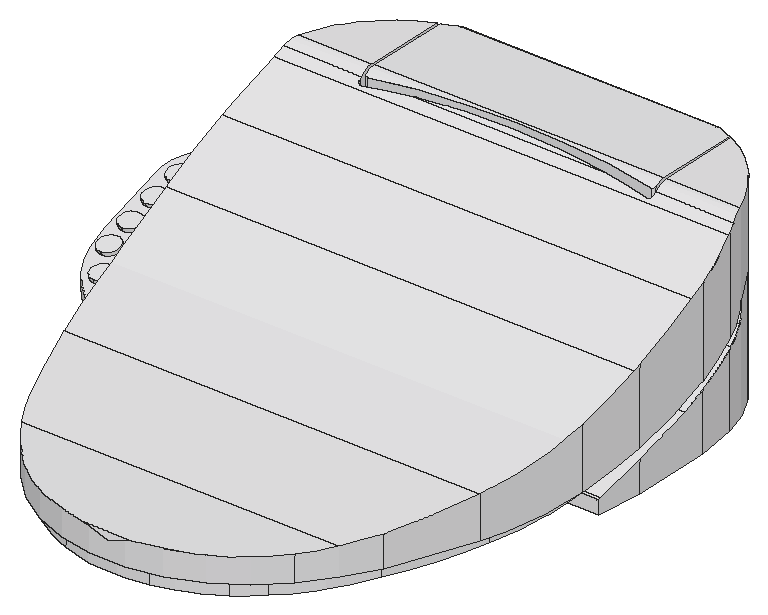
Revit family "Bidet_Seat-Elongated_Closed_Front-Cleansing-KOHLER-C3-320-K-23358T_1", category Plumbing Fixtures, host Face, Revit 2017
Family settings
  Host = Face
  Round Connector Dimension = Use Diameter
  Part Type = Normal
  OmniClass Number = 23.31.19.19.17
  OmniClass Title = Water Closet Seats
  Cut with Voids When Loaded = No
  Shared = No
  Room Calculation Point = No
Parameters (values of type "0-White")
  Width = 17 17/32"  # constant formula
  WaterSense Certified = 1 = 1  # yes
  Waste Water Outlet = "Waste Water Outlet"  # constant formula
  Waste Connection = 1 = 0  # no
  Voltage = 220 V  # constant formula
  Vent Connection = 1 = 0  # no
  URL = "http://www.kohler.com.cn/"
  Type = 1
  Seat Included = 1 = 1  # yes
  Product Page URL = "https://www.kohler.com.cn/product/K-23358T-0/K-23358T-0/"
  Product Name = "C3-320"  # constant formula
  Product Documentation Link = "https://files.kohler.com.cn/pdfs/1559803594104_%E5%B0%BA%E5%AF%B8%E5%9B%BE-C3-300%20%E7%B3%BB%E5%88%97.pdf"
  Pressure = 107.328 psi  # constant formula
  Model = if(Type = 1, "K-23358T-0", if(Type = 2, "K-23358T-HC-0", "NA"))  # "K-23358T-0"
  Material = "Plastic"  # constant formula
  Master Format 2014 Name = "Residential Water Closets"  # constant formula
  Master Format 2014 = "22 41 13.13"  # constant formula
  Manufacturer Address = "Kohler Beijing Office (100016) 36-2-03-B, No. 88, Liuxiang Road, Beijing"  # constant formula
  Manufacturer = "KOHLER Co."  # constant formula
  Length = 20 151/256"  # constant formula
  Hot Water Inlet = "Hot Water Inlet"  # constant formula
  Height = 6 79/256"  # constant formula
  HW Connection = 1 = 0  # no
  Flush Rate- LPF = "LPF"  # constant formula
  Flush Rate- GPF = "GPF"  # constant formula
  Flow Rate = 0 GPM
  Finish = Kohler-Plastic-0-White
  Environmental Product Declaration = ""
  Electrical Note = "One Dedicated Circuit Required "  # constant formula
  Electrical Connector = 1 = 1  # yes
  Description = if(Type = 1, "320 Qingshubao Smart Toilet Cover", if(Type = 2, "320 Qingshubao Smart Toilet Cover (Combined Version)", "NA"))  # "320 Qingshubao Smart Toilet Cover"
  Default Elevation = 0"
  Declare Label = ""
  Date Modified = "06/29/2021"  # constant formula
  Date Created = "06/29/2021"  # constant formula
  Copyright = "Copyright KOHLER Co."  # constant formula
  Contact Us = "http://www.kohler.com.cn/contact/contact-us/"
  Cold Water Inlet = "Cold Water Inlet"  # constant formula
  CW Connection = 1 = 1  # yes
  Assembly Code = "D2010100"
  Apparent Load = 0 VA
  ADA Compliant = 1 = 0  # no
Reference planes (in)
  plane 1 "Center (Front/Back)": y = 0
  plane 2: z = 0
  plane 3 "Center (Left/Right)": x = 0
  plane 4: through (-7.22853, -3.23407, 48) normal (-0.7547, -0.6561, 0)
  plane 5: x = 7.65748
  plane 6: y = -20.58984
  plane 7: x = -9.87377
  plane 8: x = -7.65748
  plane 9: y = -4.5
  plane 10: y = -3.21454
  plane 11: z = 6.30859
  plane 12: z = 1.55118
Dimensions and locks (in)
  "Length": plane 6 to plane 1 "Center (Front/Back)"
  "Width": plane 7 to plane 5
  plane 8 to plane 5 = 15.31496"
  "Height": level to plane 11
  plane 12 to level = 1.55118"
  aligned and locked: plane 2 to host face
  aligned and locked: level to host face
Automatic sketch dimensions
  host sketch curve to host sketch curve = 96"  (x2)
Nested families (in)
  nested 1: "K-23358T" at (0, 0, 0), type "K-23358T"
  nested 2: "Light Source" at (0.98425, 0.24696, 1.48146) x (0, 1, 0) z (0, 0, 1), type "Light Source"
Connectors (in)
  piping at (-7.14489, -3.20713, 0.09478), diameter 0.5, driven by "CW Connection", driven by "Cold Water Inlet"
    settings: on nested 1, index 1, connector inside diameter 24", connector length 0", flow factor 0, pipe flow 0 GPM, pressure drop 0.00 psi, fitting loss kfactor 0, connector angle 0.00°, fixture units 0, engagement length 0", angle of deflection 0.00°, flow configuration 0, flow direction 1, fitting loss method 0, system type 20, joint type 0, gender type 0, connector reference index -1, connector utility 1, adjustable connector no, is connector primary yes, connector description "Cold Water Inlet"
  electrical at (-7.33021, -3.62811, 0.09478), driven by "Voltage", driven by "Electrical Connector", driven by "Electrical Note"
    settings: on nested 1, index 2, voltage 220 V, apparent load 0 VA, apparent load phase1 0 VA, apparent load phase2 0 VA, apparent load phase3 0 VA, power factor 1, load classification "Other", number of poles 1, system type 30, power factor state 1, is connector primary yes, connector utility yes, sub classification motor no, connector description "One Dedicated Circuit Required "
Definition of nested family "K-23358T"
  Parameters (values of type "K-23358T")
    Material = none
  Reference planes (in)
    plane 1 "Center (Front/Back)": y = 0
    plane 2: z = 0
    plane 3 "Center (Left/Right)": x = 0
    plane 4: x = 7.65748
    plane 5: x = -9.87402
    plane 6: y = -20.59055
    plane 7 "A": through (0, -5.00597, 2.67027) normal (0, -0.2084, 0.978)
    plane 8: z = 6.30709
    plane 9: y = -4.5
    plane 10: z = 1.55118
    plane 11: z = -0.62598
    plane 12 "X": through (-8.63286, -180, 0.62853) normal (0.5736, 0, -0.8192)
    plane 13 "Y": through (-7.39377, -3.67572, 48) normal (-0.9366, 0.3504, 0)
    plane 14: z = 0.21187
    plane 15: y = -3.21454
    plane 16: y = -3.62724
    plane 17: x = -7.65748
  Forms (in)
    Extrusion 1, solid, material <- "Material", detail levels medium+fine
      sketch origin (0, 0, 0) x (1, 0, 0) y (0, 1, 0)
        loop
          arc (-2.632, -0.22623) -> (-3.53382, -0.39472) -> (-4.40891, -0.67022) r 7.63098
          arc (-4.40891, -0.67022) -> (-5.54861, -1.2888) -> (-6.4872, -2.18358) r 4.92186
          arc (-6.4872, -2.18358) -> (-6.65991, -2.40843) -> (-6.8225, -2.64071) r 6.39864
          arc (-6.8225, -2.64071) -> (-7.24394, -3.41598) -> (-7.51871, -4.25452) r 4.87491
          arc (-7.51871, -4.25452) -> (-7.65124, -4.94369) -> (-7.73379, -5.64061) r 9.73724
          arc (-7.73379, -5.64061) -> (-7.79508, -6.94792) -> (-7.76478, -8.25632) r 18.70037
          arc (-7.76478, -8.25632) -> (-7.68749, -9.33825) -> (-7.58173, -10.41777) r 41.18957
          arc (-7.58173, -10.41777) -> (-7.30994, -12.11742) -> (-6.87733, -13.78342) r 18.03144
          arc (-6.87733, -13.78342) -> (-6.40401, -15.14752) -> (-5.84396, -16.47837) r 22.44287
          arc (-5.84396, -16.47837) -> (-5.26454, -17.54141) -> (-4.5453, -18.51531) r 8.8395
          arc (-4.5453, -18.51531) -> (0, -20.61682) -> (4.5453, -18.51531) r 5.96621
          arc (4.5453, -18.51531) -> (5.26454, -17.54141) -> (5.84396, -16.47837) r 8.8395
          arc (5.84396, -16.47837) -> (6.40401, -15.14752) -> (6.87733, -13.78342) r 22.44287
          arc (6.87733, -13.78342) -> (7.30994, -12.11742) -> (7.58173, -10.41777) r 18.03144
          arc (7.58173, -10.41777) -> (7.68749, -9.33825) -> (7.76478, -8.25632) r 41.18957
          arc (7.76478, -8.25632) -> (7.79508, -6.94792) -> (7.73379, -5.64061) r 18.70037
          arc (7.73379, -5.64061) -> (7.65124, -4.94369) -> (7.51871, -4.25452) r 9.73724
          arc (7.51871, -4.25452) -> (7.24394, -3.41598) -> (6.8225, -2.64071) r 4.87491
          arc (6.8225, -2.64071) -> (6.65991, -2.40843) -> (6.4872, -2.18358) r 6.39864
          arc (6.4872, -2.18358) -> (5.54861, -1.2888) -> (4.40891, -0.67022) r 4.92186
          arc (4.40891, -0.67022) -> (3.53382, -0.39472) -> (2.632, -0.22623) r 7.63098
          arc (2.632, -0.22623) -> (0, -0.0621) -> (-2.632, -0.22623) r 21.1856
      from 0 to 6.61994
    Extrusion 2, void
      sketch origin (0, 0, 0) x (0, 1, 0) y (0, 0, 1)
        loop
          line (-20.84085, -0.43611) -> (-9.8497, -0.43611) -> (-9.80406, 0.43476)
          arc (-9.80406, 0.43476) -> (-9.79103, 0.47046) -> (-9.76022, 0.49271) r 0.06479
          line (-9.76022, 0.49271) -> (-6.44053, 1.6219)
          arc (-6.44053, 1.6219) -> (-5.28955, 2.02742) -> (-4.14766, 2.45788) r 56.10147
          arc (-4.14766, 2.45788) -> (-3.847, 2.61454) -> (-3.58733, 2.8325) r 1.55864
          arc (-3.58733, 2.8325) -> (-3.3884, 3.15941) -> (-3.34529, 3.53966) r 0.88919
          line (-3.34529, 3.53966) -> (-3.55687, 3.46265)
          arc (-3.55687, 3.46265) -> (-3.60605, 3.1411) -> (-3.8408, 2.91592) r 0.50604
          arc (-3.8408, 2.91592) -> (-4.76036, 2.50905) -> (-5.69606, 2.14079) r 24.1626
          arc (-5.69606, 2.14079) -> (-7.83095, 1.46218) -> (-10.01952, 0.9842) r 24.1626
          arc (-10.01952, 0.9842) -> (-11.49314, 0.79074) -> (-12.9772, 0.71007) r 19.50147
          line (-12.9772, 0.71007) -> (-20.84085, 0.71007) -> (-20.84085, -0.43611)
        loop
          arc (-20.56292, 1.55813) -> (-19.07066, 1.55957) -> (-17.58075, 1.64339) r 27.01723
          arc (-17.58075, 1.64339) -> (-15.67367, 1.83538) -> (-13.77397, 2.09023) r 58.04729
          arc (-13.77397, 2.09023) -> (-11.05549, 2.70875) -> (-8.45763, 3.7206) r 18.89322
          arc (-8.45763, 3.7206) -> (-7.28636, 4.27326) -> (-6.11029, 4.81562) r 147.59323
          arc (-6.11029, 4.81562) -> (-5.17526, 5.28494) -> (-4.278, 5.82295) r 13.9622
          arc (-4.278, 5.82295) -> (-4.12834, 5.92865) -> (-3.98699, 6.04523) r 2.45477
          arc (-3.98699, 6.04523) -> (-3.78349, 6.17475) -> (-3.54956, 6.23364) r 0.75659
          arc (-3.54956, 6.23364) -> (-2.08684, 6.30288) -> (-0.62319, 6.25725) r 18.66812
          arc (-0.62319, 6.25725) -> (-0.59462, 6.2485) -> (-0.57277, 6.22812) r 0.06646
          line (-0.57277, 6.22812) -> (-0.31159, 5.84091)
          arc (-0.31159, 5.84091) -> (-0.28844, 5.79397) -> (-0.27868, 5.74256) r 0.19403
          line (-0.27868, 5.74256) -> (-0.05158, 1.40926) -> (0.73891, 1.40926) -> (0.73891, 6.84254) -> (-23.07999, 6.84254) -> (-23.07999, 1.11871) -> (-20.66437, 1.11871) -> (-20.56292, 1.55813)
      from -8.14785 to 8.3096
    Extrusion 3, void
      sketch origin (0, 0, 0) x (1, 0, 0) y (0, 1, 0)
        loop
          arc (-4.87511, -4.07413) -> (-4.83868, -4.15386) -> (-4.75456, -4.17852) r 0.10547
          arc (-4.75456, -4.17852) -> (0.00051, -3.83693) -> (4.75557, -4.17866) r 33.25991
          arc (4.75557, -4.17866) -> (4.83898, -4.15422) -> (4.87511, -4.07515) r 0.10459
          line (4.87511, -4.07515) -> (4.87511, 0.63275) -> (4.78652, 0.63275) -> (4.78652, -3.87997)
          arc (4.78652, -3.87997) -> (4.75946, -3.93939) -> (4.69688, -3.95801) r 0.07878
          arc (4.69688, -3.95801) -> (-0.0004, -3.63315) -> (-4.69762, -3.95885) r 34.0782
          arc (-4.69762, -3.95885) -> (-4.75968, -3.9404) -> (-4.78652, -3.88147) r 0.07813
          line (-4.78652, -3.88147) -> (-4.78652, 0.25976) -> (-4.87511, 0.25976) -> (-4.87511, -4.07413)
      from 5.37205 to 6.44426
    Extrusion 4, void
      sketch origin (0, 0, 0) x (1, 0, 0) y (0, 1, 0)
        loop
          arc (-7.2033, -10.07291) -> (-6.92091, -12.18279) -> (-6.39236, -14.24482) r 18.07015
          arc (-6.39236, -14.24482) -> (-5.8106, -15.74397) -> (-5.05266, -17.16222) r 13.33875
          arc (-5.05266, -17.16222) -> (-4.46208, -18.01125) -> (-3.77931, -18.78808) r 9.13408
          arc (-3.77931, -18.78808) -> (-2.86069, -19.53142) -> (-1.79908, -20.05048) r 5.24994
          arc (-1.79908, -20.05048) -> (-0.34212, -20.35348) -> (1.1425, -20.25118) r 5.45121
          arc (1.1425, -20.25118) -> (2.1615, -19.9152) -> (3.07958, -19.35988) r 4.76797
          arc (3.07958, -19.35988) -> (3.46738, -19.04439) -> (3.83811, -18.70902) r 9.54086
          arc (3.83811, -18.70902) -> (4.83593, -17.55699) -> (5.59702, -16.23654) r 7.99552
          arc (5.59702, -16.23654) -> (6.21051, -14.7267) -> (6.6968, -13.17121) r 19.65254
          arc (6.6968, -13.17121) -> (7.07365, -11.36561) -> (7.24722, -9.52929) r 16.54795
          arc (7.24722, -9.52929) -> (-0.27136, -2.00411) -> (-7.2033, -10.07291) r 7.25135
        loop
          arc (-2.14897, -7.20126) -> (-3.60117, -8.21444) -> (-4.13469, -9.90286) r 2.75
          arc (-4.13469, -9.90286) -> (-4.08296, -11.08802) -> (-3.97937, -12.26979) r 27.08675
          arc (-3.97937, -12.26979) -> (-3.73309, -13.60798) -> (-3.29556, -14.89638) r 9.36872
          arc (-3.29556, -14.89638) -> (-2.85833, -15.84611) -> (-2.36238, -16.76654) r 16.65657
          arc (-2.36238, -16.76654) -> (-1.75797, -17.55006) -> (-0.97071, -18.1496) r 3.775
          arc (-0.97071, -18.1496) -> (0, -18.40752) -> (0.97071, -18.1496) r 1.95566
          arc (0.97071, -18.1496) -> (1.75797, -17.55006) -> (2.36238, -16.76654) r 3.775
          arc (2.36238, -16.76654) -> (2.85833, -15.84611) -> (3.29556, -14.89638) r 16.65657
          arc (3.29556, -14.89638) -> (3.73309, -13.60798) -> (3.97937, -12.26979) r 9.36872
          arc (3.97937, -12.26979) -> (4.07935, -11.14217) -> (4.13212, -10.01136) r 27.08675
          arc (4.13212, -10.01136) -> (3.58078, -8.25134) -> (2.06759, -7.19688) r 2.85162
          arc (2.06759, -7.19688) -> (-0.041, -6.9016) -> (-2.14897, -7.20126) r 7.6198
        loop
          line (7.88545, -1.72211) -> (-7.86455, -1.72211) -> (-7.86455, -20.72211) -> (7.88545, -20.72211) -> (7.88545, -1.72211)
      from 0 to 3.64586
    Extrusion 5, solid, material <- "Material", detail levels medium+fine
      sketch origin (0, 0, 0) x (0, 1, 0) y (0, 0, 1)
        loop
          line (-20.51397, 0.77756) -> (-20.51397, 0.21344)
          arc (-20.51397, 0.21344) -> (-20.14542, 0.22025) -> (-19.77688, 0.21344) r 9.98024
          arc (-19.77688, 0.21344) -> (-18.77625, 0.19456) -> (-17.7756, 0.21186) r 27.6897
          arc (-17.7756, 0.21186) -> (-16.25723, 0.25294) -> (-14.73839, 0.26881) r 91.47885
          arc (-14.73839, 0.26881) -> (-12.96562, 0.31109) -> (-11.19635, 0.43023) r 40.86817
          arc (-11.19635, 0.43023) -> (-8.76163, 0.8143) -> (-6.40079, 1.52267) r 18.26561
          arc (-6.40079, 1.52267) -> (-5.435, 1.84076) -> (-4.44647, 2.07897) r 12.44782
          arc (-4.44647, 2.07897) -> (-3.45608, 2.52405) -> (-2.7608, 3.35804) r 2.41493
          arc (-2.7608, 3.35804) -> (-8.63047, 1.63787) -> (-14.69996, 0.88055) r 38.04465
          arc (-14.69996, 0.88055) -> (-17.05802, 0.80331) -> (-19.4172, 0.77756) r 108.08152
          line (-19.4172, 0.77756) -> (-20.51397, 0.77756)
      from -7.66751 to 7.66359
    Extrusion 6, solid, material <- "Material", detail levels medium+fine
      sketch origin (0, 0, 0) x (1, 0, 0) y (0, 1, 0)
        loop
          line (-6.1404, -11.70853) -> (-4.79013, -12.14777)
          arc (-4.79013, -12.14777) -> (-4.40059, -11.94946) -> (-4.5989, -11.55991) r 0.30909
          line (-4.5989, -11.55991) -> (-5.94917, -11.12067)
          arc (-5.94917, -11.12067) -> (-6.33872, -11.31899) -> (-6.1404, -11.70853) r 0.30909
        loop
          line (-3.24959, -16.79924) -> (-3.87702, -17.48399)
          arc (-3.87702, -17.48399) -> (-3.85791, -17.92163) -> (-3.42028, -17.90251) r 0.30975
          line (-3.42028, -17.90251) -> (-2.79284, -17.21776)
          arc (-2.79284, -17.21776) -> (-2.81196, -16.78013) -> (-3.24959, -16.79924) r 0.30975
        loop
          arc (6.1404, -11.70853) -> (6.33872, -11.31899) -> (5.94917, -11.12067) r 0.30909
          line (5.94917, -11.12067) -> (4.5989, -11.55991)
          arc (4.5989, -11.55991) -> (4.40059, -11.94946) -> (4.79013, -12.14777) r 0.30909
          line (4.79013, -12.14777) -> (6.1404, -11.70853)
        loop
          arc (3.24959, -16.79924) -> (2.81196, -16.78013) -> (2.79284, -17.21776) r 0.30975
          line (2.79284, -17.21776) -> (3.42028, -17.90251)
          arc (3.42028, -17.90251) -> (3.85791, -17.92163) -> (3.87702, -17.48399) r 0.30975
          line (3.87702, -17.48399) -> (3.24959, -16.79924)
      from 0 to 0.89755
    Extrusion 7, solid, material <- "Material", detail levels medium+fine
      sketch origin (0, 0, 0) x (0, 1, 0) y (0, 0, 1)
        loop
          line (-3.60482, 4.14958) -> (-4.2264, 3.79071) -> (-4.2264, 3.67632) -> (-3.60482, 3.67632) -> (-3.60482, 4.14958)
      from -5.05061 to 5.12502
    Extrusion 8, solid, material <- "Material", detail levels coarse
      sketch origin (0, 0, 0) x (1, 0, 0) y (0, 1, 0)
        loop
          arc (6.4872, -2.0905) -> (5.54861, -1.19572) -> (4.40891, -0.57714) r 4.92186
          arc (4.40891, -0.57714) -> (3.53382, -0.30164) -> (2.632, -0.13314) r 7.63098
          arc (2.632, -0.13314) -> (0, 0.03098) -> (-2.632, -0.13314) r 21.1856
          arc (-2.632, -0.13314) -> (-3.53382, -0.30164) -> (-4.40891, -0.57714) r 7.63098
          arc (-4.40891, -0.57714) -> (-5.54861, -1.19572) -> (-6.4872, -2.0905) r 4.92186
          arc (-6.4872, -2.0905) -> (-6.65991, -2.31535) -> (-6.8225, -2.54763) r 6.39864
          arc (-6.8225, -2.54763) -> (-7.24394, -3.3229) -> (-7.51871, -4.16144) r 4.87491
          arc (-7.51871, -4.16144) -> (-7.65124, -4.85061) -> (-7.73379, -5.54753) r 9.73724
          arc (-7.73379, -5.54753) -> (-7.79508, -6.85484) -> (-7.76478, -8.16323) r 18.70037
          arc (-7.76478, -8.16323) -> (-7.68749, -9.24517) -> (-7.58173, -10.32469) r 41.18957
          arc (-7.58173, -10.32469) -> (-7.30994, -12.02434) -> (-6.87733, -13.69033) r 18.03144
          arc (-6.87733, -13.69033) -> (-6.40401, -15.05444) -> (-5.84396, -16.38529) r 22.44287
          arc (-5.84396, -16.38529) -> (-5.03379, -17.79221) -> (-3.97998, -19.02723) r 8.8395
          arc (-3.97998, -19.02723) -> (0, -20.64567) -> (3.97998, -19.02723) r 5.7029
          arc (3.97998, -19.02723) -> (5.03379, -17.79221) -> (5.84396, -16.38529) r 8.8395
          arc (5.84396, -16.38529) -> (6.40401, -15.05444) -> (6.87733, -13.69033) r 22.44287
          arc (6.87733, -13.69033) -> (7.30994, -12.02434) -> (7.58173, -10.32469) r 18.03144
          arc (7.58173, -10.32469) -> (7.68749, -9.24517) -> (7.76478, -8.16323) r 41.18957
          arc (7.76478, -8.16323) -> (7.79508, -6.85484) -> (7.73379, -5.54753) r 18.70037
          arc (7.73379, -5.54753) -> (7.65124, -4.85061) -> (7.51871, -4.16144) r 9.73724
          arc (7.51871, -4.16144) -> (7.24394, -3.3229) -> (6.8225, -2.54763) r 4.87491
          arc (6.8225, -2.54763) -> (6.65991, -2.31535) -> (6.4872, -2.0905) r 6.39864
      from 0 to 6.44426
    Extrusion 9, void
      sketch origin (-5.27952, 1.97527, 0) x (-0.350416, -0.936594, 0) y (0, 0, 1)
        loop
          line (8.13266, -0.18183) -> (9.0431, -0.18183) -> (9.0431, 0.68439)
          arc (9.0431, 0.68439) -> (8.58788, 1.13961) -> (8.13266, 0.68439) r 0.45522
          line (8.13266, 0.68439) -> (8.13266, -0.18183)
      from 0.1714 to -1.11507
    Extrusion 10, void
      sketch origin (0, 0, 0) x (0, 1, 0) y (0, 0, 1)
        loop
          line (-1.40685, 5.83219) -> (-1.40685, 5.5992)
          arc (-1.40685, 5.5992) -> (-1.4263, 5.24936) -> (-1.48443, 4.90384) r 3.15513
          arc (-1.48443, 4.90384) -> (-1.76733, 4.33714) -> (-2.28056, 3.96596) r 1.32792
          line (-2.28056, 3.96596) -> (-3.41628, 3.53) -> (-3.34228, 3.51695) -> (-1.71282, 4.19624)
          arc (-1.71282, 4.19624) -> (-1.53118, 4.3224) -> (-1.37198, 4.47591) r 1.38258
          arc (-1.37198, 4.47591) -> (-1.3219, 4.56364) -> (-1.31089, 4.66407) r 0.24838
          line (-1.31089, 4.66407) -> (-1.37227, 5.83525) -> (-1.62325, 6.20734) -> (-1.65989, 6.20734) -> (-1.40685, 5.83219)
      from -9.84252 to 9.84252
    Extrusion 11, solid, material <- "Material", detail levels medium+fine
      sketch origin (0, 0, 0) x (0, 1, 0) y (0, 0, 1)
        loop
          line (-11.87895, 1.27729) -> (-11.87895, 0.93336) -> (-3.72538, 2.81576) -> (-3.72538, 3.15969) -> (-11.87895, 1.27729)
      from -9.84252 to -6.7832
    Extrusion 12, void
      sketch origin (0, 0, 0) x (1, 0, 0) y (0, 1, 0)
        loop
          arc (-6.94154, -3.70016) -> (-6.90136, -3.59947) -> (-6.98766, -3.53385) r 0.08955
          line (-6.98766, -3.53385) -> (-10.32746, -3.53385) -> (-10.32746, -12.19527) -> (-6.78415, -12.19527) -> (-6.78415, -11.99842)
          arc (-6.78415, -11.99842) -> (-7.53517, -11.61814) -> (-8.25325, -11.1788) r 10.47845
          arc (-8.25325, -11.1788) -> (-8.98909, -10.4627) -> (-9.42075, -9.53107) r 2.82798
          arc (-9.42075, -9.53107) -> (-9.51015, -9.1123) -> (-9.56493, -8.68762) r 5.22103
          line (-9.56493, -8.68762) -> (-9.76562, -6.39379)
          arc (-9.76562, -6.39379) -> (-9.63771, -5.66756) -> (-9.16404, -5.10241) r 1.42556
          arc (-9.16404, -5.10241) -> (-8.49104, -4.64791) -> (-7.80244, -4.21744) r 23.0155
          line (-7.80244, -4.21744) -> (-6.94154, -3.70016)
      from 0.89755 to 3.21495
    Extrusion 13, solid, material <- "Material", detail levels medium+fine
      sketch origin (0, -5.01358, 2.71838) x (0, 0.974263, 0.225413) y (-1, 0, 0)
        loop
          circle (-0.22868, 8.20952) r 0.35433
        loop
          circle (-1.21293, 8.20952) r 0.35433
        loop
          circle (-2.2956, 8.20952) r 0.35433
        loop
          circle (-3.37828, 8.16031) r 0.35433
        loop
          circle (-4.41175, 8.1111) r 0.35433
        loop
          circle (-1.19607, 9.13151) r 0.35433
        loop
          circle (-2.22954, 9.13151) r 0.35433
        loop
          circle (-3.31222, 9.0823) r 0.35433
        loop
          circle (-4.34568, 8.98388) r 0.35433
        loop
          circle (-5.34217, 8.44254) r 0.35433
      from 0.08949 to 0.23553
    Extrusion 14, void
      sketch origin (0, 0, 0) x (0, 1, 0) y (0, 0, 1)
        loop
          line (-21.16757, 1.75853) -> (-18.80536, 1.75853)
          arc (-18.80536, 1.75853) -> (-14.65529, 2.03559) -> (-10.57888, 2.86185) r 31.2203
          arc (-10.57888, 2.86185) -> (-7.24378, 4.13249) -> (-4.21758, 6.02445) r 18.35676
          arc (-4.21758, 6.02445) -> (-3.7643, 6.26744) -> (-3.2569, 6.35142) r 1.5748
          line (-3.2569, 6.35142) -> (0.21916, 6.35142) -> (0.21916, 7.72938) -> (-21.16757, 7.72938) -> (-21.16757, 1.75853)
      from -9.84252 to 9.84252
    Extrusion 15, solid, material <- "Material", detail levels coarse
      sketch origin (0, 0, 0) x (0, 1, 0) y (0, 0, 1)
        loop
          line (-11.65756, 0.93526) -> (-3.99765, 2.70369) -> (-3.99765, 3.18643) -> (-11.65756, 1.418) -> (-11.65756, 0.93526)
      from -10.32746 to -6.7832
    Extrusion 16, solid, detail levels medium+fine
      sketch origin (0, 0, 0) x (1, 0, 0) y (0, 1, 0)
        loop
          line (-7.11577, -3.14391) -> (-7.17401, -3.27035) -> (-7.12999, -3.27035) -> (-7.08269, -3.14391) -> (-7.11577, -3.14391)
        loop
          line (-7.31124, -3.57739) -> (-7.34919, -3.67883) -> (-7.31415, -3.67883) -> (-7.2762, -3.57739) -> (-7.31124, -3.57739)
      from 0 to 0.18956
  Cuts and joins
    Extrusion 2, Extrusion 3, Extrusion 9, Extrusion 10 cuts Extrusion 1
    Extrusion 3, Extrusion 10 cuts Extrusion 7
    joined: Extrusion 1, Extrusion 7
    Extrusion 4 cuts Extrusion 5
    joined: Extrusion 5, Extrusion 6
    Extrusion 3, Extrusion 10, Extrusion 14 cuts Extrusion 8
    Extrusion 12 cuts Extrusion 11
    Extrusion 12 cuts Extrusion 15
  Lines and regions (in)
    Masking region 1
      outline origin (0, 0, 0) x (1, 0, 0) y (0, 1, 0)
        loop
          arc (5.84396, -16.41627) -> (6.40401, -15.08542) -> (6.87733, -13.72132) r 22.44287
          arc (6.87733, -13.72132) -> (7.10078, -12.94229) -> (7.289, -12.154) r 18.03144
          arc (7.289, -12.154) -> (7.69522, -7.8945) -> (7.289, -3.63501) r 22.53511
          arc (7.289, -3.63501) -> (6.89021, -2.93777) -> (6.42368, -2.28393) r 8.0192
          arc (6.42368, -2.28393) -> (5.17544, -1.15239) -> (3.62848, -0.48499) r 5.14258
          arc (3.62848, -0.48499) -> (2.42799, -0.23175) -> (1.21277, -0.06273) r 17.60622
          arc (1.21277, -0.06273) -> (0.6072, -0.01569) -> (0, 0) r 11.75539
          arc (0, 0) -> (-1.52656, -0.04923) -> (-3.04678, -0.1967) r 23.6943
          arc (-3.04678, -0.1967) -> (-4.36071, -0.53841) -> (-5.54861, -1.19572) r 5.42374
          arc (-5.54861, -1.19572) -> (-6.24218, -1.81832) -> (-6.8225, -2.54763) r 5.58235
          arc (-6.8225, -2.54763) -> (-6.9747, -2.79086) -> (-7.11232, -3.04262) r 4.87491
          arc (-7.11232, -3.04262) -> (-7.26597, -3.37479) -> (-7.39427, -3.71755) r 4.87491
          arc (-7.39427, -3.71755) -> (-7.44321, -3.87362) -> (-7.48688, -4.03124) r 4.87491
          arc (-7.48688, -4.03124) -> (-8.35998, -4.56336) -> (-9.20857, -5.13373) r 23.0155
          arc (-9.20857, -5.13373) -> (-9.7593, -5.82578) -> (-9.85014, -6.70555) r 1.5748
          arc (-9.85014, -6.70555) -> (-9.68345, -7.72868) -> (-9.55833, -8.75771) r 25.59687
          arc (-9.55833, -8.75771) -> (-9.5041, -9.14698) -> (-9.42075, -9.53107) r 5.22103
          arc (-9.42075, -9.53107) -> (-8.98909, -10.4627) -> (-8.25325, -11.1788) r 2.82798
          arc (-8.25325, -11.1788) -> (-7.83625, -11.44355) -> (-7.40724, -11.68835) r 10.47845
          arc (-7.40724, -11.68835) -> (-6.75713, -14.0958) -> (-5.84396, -16.41627) r 22.44287
          arc (-5.84396, -16.41627) -> (-5.01203, -17.85391) -> (-3.92584, -19.11053) r 8.8395
          arc (-3.92584, -19.11053) -> (-2.10766, -20.24824) -> (0, -20.64567) r 5.78736
          arc (0, -20.64567) -> (2.10766, -20.24824) -> (3.92584, -19.11053) r 5.78736
          arc (3.92584, -19.11053) -> (5.01203, -17.85391) -> (5.84396, -16.41627) r 8.8395
    Masking region 2
      outline origin (0, 0, 0) x (0, 1, 0) y (0, 0, 1)
        loop
          line (0.00921, 0) -> (-0.29386, 5.78302)
          arc (-0.29386, 5.78302) -> (-0.30158, 5.82363) -> (-0.31986, 5.86071) r 0.15329
          line (-0.31986, 5.86071) -> (-0.56636, 6.22617)
          arc (-0.56636, 6.22617) -> (-0.58829, 6.24659) -> (-0.61695, 6.25531) r 0.06645
          arc (-0.61695, 6.25531) -> (-1.94364, 6.30189) -> (-3.27053, 6.26156) r 20.27786
          arc (-3.27053, 6.26156) -> (-3.91586, 6.1263) -> (-4.49651, 5.81391) r 2.3055
          arc (-4.49651, 5.81391) -> (-7.40062, 4.05544) -> (-10.57888, 2.86185) r 18.35676
          arc (-10.57888, 2.86185) -> (-13.90258, 2.10976) -> (-17.27962, 1.65343) r 38.63889
          arc (-17.27962, 1.65343) -> (-18.80545, 1.55596) -> (-20.33431, 1.53917) r 28.95279
          line (-20.33431, 1.53917) -> (-20.47598, 1.43992) -> (-20.59291, 1.13531) -> (-20.59291, 0.75877) -> (-20.39606, 0.75877) -> (-20.39606, 0.14764) -> (-18.23071, 0.14764) -> (-18.08307, 0) -> (-16.75142, 0) -> (-16.60379, 0.14764) -> (-12.6311, 0.14764) -> (-12.48346, 0) -> (-11.10551, 0) -> (-11.10551, 0.47851) -> (-6.44053, 1.6219) -> (-9.75579, 0.49422)
          arc (-9.75579, 0.49422) -> (-9.79528, 0.4649) -> (-9.81032, 0.41807) r 0.08043
          line (-9.81032, 0.41807) -> (-9.81032, 0) -> (0.00921, 0)
    Masking region 3
      outline origin (0, 0, 0) x (1, 0, 0) y (0, 0, 1)
        loop
          line (-7.65748, 0) -> (0.55118, 0) -> (7.65748, 0)
          arc (7.65748, 0) -> (7.67243, 0.56772) -> (7.71123, 1.13431) r 13.50771
          arc (7.71123, 1.13431) -> (7.76879, 2.05883) -> (7.77596, 2.98511) r 17.01834
          arc (7.77596, 2.98511) -> (7.75224, 3.71358) -> (7.70951, 4.44119) r 27.89946
          arc (7.70951, 4.44119) -> (7.57404, 5.04298) -> (7.26712, 5.57805) r 2.0682
          arc (7.26712, 5.57805) -> (6.82077, 5.97319) -> (6.24929, 6.14283) r 1.37795
          line (6.24929, 6.14283) -> (4.87511, 6.2399) -> (4.87511, 5.7545) -> (4.78652, 5.7545) -> (4.78652, 6.24474)
          arc (4.78652, 6.24474) -> (4.46021, 6.25893) -> (4.13379, 6.27013) r 35.67309
          arc (4.13379, 6.27013) -> (2.06698, 6.29785) -> (0, 6.30709) r 231.22554
          arc (0, 6.30709) -> (-1.56717, 6.30178) -> (-3.13427, 6.28584) r 231.22554
          arc (-3.13427, 6.28584) -> (-3.96063, 6.27486) -> (-4.78652, 6.24474) r 35.67309
          line (-4.78652, 6.24474) -> (-4.78652, 5.7545) -> (-4.87511, 5.7545) -> (-4.87511, 6.2399) -> (-5.5956, 6.18951)
          arc (-5.5956, 6.18951) -> (-6.16543, 6.12142) -> (-6.72584, 5.99777) r 5.84446
          arc (-6.72584, 5.99777) -> (-7.1704, 5.73651) -> (-7.42186, 5.28632) r 0.98425
          arc (-7.42186, 5.28632) -> (-7.50757, 4.91523) -> (-7.58035, 4.5414) r 10.97426
          arc (-7.58035, 4.5414) -> (-7.65958, 3.80705) -> (-7.63931, 3.06872) r 5.47842
          line (-7.63931, 3.06872) -> (-7.80244, 3.04609)
          arc (-7.80244, 3.04609) -> (-8.4838, 2.94772) -> (-9.16404, 2.84178) r 62.01536
          arc (-9.16404, 2.84178) -> (-9.38612, 2.80552) -> (-9.60807, 2.76845) r 62.01536
          arc (-9.60807, 2.76845) -> (-9.78527, 2.67318) -> (-9.86832, 2.48992) r 0.31411
          arc (-9.86832, 2.48992) -> (-9.87217, 2.44114) -> (-9.87402, 2.39225) r 1.18728
          arc (-9.87402, 2.39225) -> (-9.87294, 2.35053) -> (-9.86831, 2.30906) r 0.48798
          arc (-9.86831, 2.30906) -> (-9.85672, 2.25363) -> (-9.83944, 2.19971) r 0.54421
          line (-9.83944, 2.19971) -> (-9.64524, 1.68726)
          arc (-9.64524, 1.68726) -> (-9.63716, 1.67063) -> (-9.62621, 1.65573) r 0.10247
          arc (-9.62621, 1.65573) -> (-9.42209, 1.47002) -> (-9.18266, 1.33282) r 1.26915
          spline (-9.18266, 1.33282) -> (-9.12721, 1.30978) -> (-9.06769, 1.28725) -> (-9.0042, 1.26528) -> (-8.93684, 1.2439) -> (-8.86572, 1.22315) -> (-8.79095, 1.20305) -> (-8.71266, 1.18365) -> (-8.63097, 1.16496) -> (-8.54602, 1.14704) -> (-8.45793, 1.12989) -> (-8.36685, 1.11355) -> (-8.27293, 1.09805)
          spline (-8.27293, 1.09805) -> (-8.22271, 1.09031) -> (-8.1723, 1.08263) -> (-8.12168, 1.07502) -> (-8.07087, 1.06748) -> (-8.01986, 1.06001) -> (-7.96865, 1.0526) -> (-7.91726, 1.04526) -> (-7.86568, 1.03799) -> (-7.81391, 1.03078) -> (-7.76195, 1.02364) -> (-7.70981, 1.01658) -> (-7.65748, 1.00958)
          line (-7.65748, 1.00958) -> (-7.65748, 0)
    symbolic lines, detail levels medium+fine
      curve 1: arc (0.00025, -20.20751, 0) -> (1.25292, -20.13298, 0) -> (2.42851, -19.69399, 0) r 4.22738
      curve 2: arc (-2.4425, -19.6939, 0) -> (-1.25944, -20.13294, 0) -> (0.00025, -20.20751, 0) r 4.27571
      curve 3: line (-5.01762, -16.97037, 0) -> (-2.4425, -19.6939, 0)
      curve 4: line (-6.82699, -12.12456, 0) -> (-5.01762, -16.97037, 0)
      curve 5: spline (-7.22223, -8.63988, 0) -> (-7.22394, -8.92533, 0) -> (-7.21929, -9.21246, 0) -> (-7.2083, -9.50103, 0) -> (-7.19097, -9.7908, 0) -> (-7.16732, -10.08156, 0) -> (-7.13737, -10.37306, 0) -> (-7.10114, -10.66507, 0) -> (-7.05866, -10.95736, 0) -> (-7.00996, -11.24969, 0) -> (-6.95508, -11.54182, 0) -> (-6.89408, -11.83352, 0) -> (-6.82699, -12.12456, 0)
      curve 6: spline (-7.05229, -6.77167, 0) -> (-7.07644, -6.92403, 0) -> (-7.09879, -7.07707, 0) -> (-7.11933, -7.23078, 0) -> (-7.13806, -7.38513, 0) -> (-7.15496, -7.5401, 0) -> (-7.17005, -7.69565, 0) -> (-7.18331, -7.85177, 0) -> (-7.19475, -8.00842, 0) -> (-7.20437, -8.16558, 0) -> (-7.21215, -8.32323, 0) -> (-7.21811, -8.48134, 0) -> (-7.22223, -8.63988, 0)
      curve 7: line (2.42851, -19.69399, 0) -> (4.97741, -16.97037, 0)
      curve 8: line (4.97741, -16.97037, 0) -> (6.76316, -12.12442, 0)
      curve 9: spline (6.76316, -12.12442, 0) -> (6.83123, -11.82379, 0) -> (6.89313, -11.52255, 0) -> (6.9488, -11.22095, 0) -> (6.99821, -10.91923, 0) -> (7.04131, -10.61765, 0) -> (7.07807, -10.31645, 0) -> (7.10845, -10.01589, 0) -> (7.13243, -9.71621, 0) -> (7.15, -9.41767, 0) -> (7.16113, -9.1205, 0) -> (7.16581, -8.82495, 0) -> (7.16405, -8.53127, 0)
      curve 10: spline (7.16405, -8.53127, 0) -> (7.1599, -8.38059, 0) -> (7.15414, -8.23031, 0) -> (7.14676, -8.08045, 0) -> (7.13778, -7.93104, 0) -> (7.12719, -7.78211, 0) -> (7.11499, -7.63366, 0) -> (7.10119, -7.48573, 0) -> (7.08578, -7.33833, 0) -> (7.06878, -7.19149, 0) -> (7.05017, -7.04522, 0) -> (7.02997, -6.89956, 0) -> (7.00818, -6.75452, 0)
      curve 11: line (6.82933, -5.76239, 0) -> (4.87511, -1.5116, 0)
      curve 12: line (4.78652, -1.47011, 0) -> (0, -0.60812, 0)
      curve 13: line (0, -0.60812, 0) -> (-4.78652, -1.46608, 0)
      curve 14: line (-4.87511, -1.51203, 0) -> (-6.8602, -5.76239, 0)
      curve 15: line (-6.8602, -5.76239, 0) -> (-7.05229, -6.77167, 0)
      curve 16: line (6.82933, -5.76239, 0) -> (7.00818, -6.75452, 0)
      curve 17: arc (4.67265, -3.95464, 0) -> (0.00333, -3.63315, 0) -> (-4.66601, -3.95446, 0) r 34.0782
      curve 18: arc (-4.72635, -4.17446, 0) -> (0.00566, -3.83693, 0) -> (4.73755, -4.17607, 0) r 33.25991
      curve 19: line (-4.87511, -0.78364, 0) -> (-4.87511, -1.51203, 0)
      curve 20: line (-4.78652, -3.84947, 0) -> (-4.78652, -0.73988, 0)
      curve 21: line (4.78652, -0.92557, 0) -> (4.78652, -3.85544, 0)
      curve 22: line (4.87511, -4.05689, 0) -> (4.87511, -1.5116, 0)
      curve 23: arc (-4.87511, -4.04552, 0) -> (-4.83016, -4.14395, 0) -> (-4.72635, -4.17446, 0) r 0.13025
      curve 24: arc (-4.66601, -3.95446, 0) -> (-4.75015, -3.92939, 0) -> (-4.78652, -3.84947, 0) r 0.10599
      curve 25: arc (4.73755, -4.17607, 0) -> (4.83355, -4.14789, 0) -> (4.87511, -4.05689, 0) r 0.12041
      curve 26: arc (4.78652, -3.85544, 0) -> (4.75215, -3.93095, 0) -> (4.67265, -3.95464, 0) r 0.10014
      curve 27: spline (7.57645, 0, 1.27687) -> (7.54268, 0, 1.22149) -> (7.50449, 0, 1.17036) -> (7.4619, 0, 1.1235) -> (7.41494, 0, 1.08094) -> (7.36362, 0, 1.04269) -> (7.30796, 0, 1.00878) -> (7.248, 0, 0.97921) -> (7.18376, 0, 0.954) -> (7.11528, 0, 0.93317) -> (7.04257, 0, 0.91672) -> (6.96569, 0, 0.90467) -> (6.88466, 0, 0.89701)
      curve 28: spline (6.88466, 0, 0.89701) -> (6.81138, 0, 0.89135) -> (6.73562, 0, 0.88595) -> (6.6574, 0, 0.88082) -> (6.57671, 0, 0.87595) -> (6.49358, 0, 0.87135) -> (6.408, 0, 0.86701) -> (6.31999, 0, 0.86294) -> (6.22956, 0, 0.85913) -> (6.13672, 0, 0.85559) -> (6.04148, 0, 0.85231) -> (5.94386, 0, 0.8493) -> (5.84385, 0, 0.84656)
      curve 29: arc (5.84385, 0, 0.84656) -> (-0.00044, 0, 0.78436) -> (-5.84394, 0, 0.89897) r 193.19135
      curve 30: line (-4.78652, 0, 5.82076) -> (4.78652, 0, 5.82076)
      curve 31: line (-4.87511, 0, 5.7545) -> (4.87511, 0, 5.7545)
      curve 32: arc (-7.0522, 0, 0.8063) -> (-1.31702, 0, 0.61864) -> (4.42081, 0, 0.68824) r 127.99362
      curve 33: line (-6.60145, 0, 0.2728) -> (6.60145, 0, 0.2728)
      curve 34: line (-6.35388, 0, 0.0645) -> (-6.35388, 0, 0.2728)
      curve 35: line (-4.38543, 0, 0.06299) -> (-4.38543, 0, 0.2728)
      curve 36: line (6.35388, 0, 0.06299) -> (6.35388, 0, 0.2728)
      curve 37: line (4.38543, 0, 0.06299) -> (4.38543, 0, 0.2728)
      curve 38: line (3.9584, 0, 0.06299) -> (3.9584, 0, 0.2728)
      curve 39: line (2.71147, 0, 0.06299) -> (2.71147, 0, 0.2728)
      curve 40: line (-2.71147, 0, 0.06299) -> (-2.71147, 0, 0.2728)
      curve 41: line (-3.9584, 0, 0.06299) -> (-3.9584, 0, 0.2728)
      curve 42: arc (-6.28938, 0, 0) -> (-6.33499, 0, 0.01889) -> (-6.35388, 0, 0.0645) r 0.0645
      curve 43: arc (-4.44842, 0, 0) -> (-4.40388, 0, 0.01845) -> (-4.38543, 0, 0.06299) r 0.06299
      curve 44: arc (-3.8954, 0, 0) -> (-3.93995, 0, 0.01845) -> (-3.9584, 0, 0.06299) r 0.06299
      curve 45: arc (-2.77446, 0, 0) -> (-2.72992, 0, 0.01845) -> (-2.71147, 0, 0.06299) r 0.06299
      curve 46: arc (2.77446, 0, 0) -> (2.72992, 0, 0.01845) -> (2.71147, 0, 0.06299) r 0.06299
      curve 47: arc (3.8954, 0, 0) -> (3.93995, 0, 0.01845) -> (3.9584, 0, 0.06299) r 0.06299
      curve 48: arc (4.44842, 0, 0) -> (4.40388, 0, 0.01845) -> (4.38543, 0, 0.06299) r 0.06299
      curve 49: arc (6.29089, 0, 0) -> (6.33543, 0, 0.01845) -> (6.35388, 0, 0.06299) r 0.06299
      curve 50: arc (-7.65296, -7.02104, 0) -> (-7.67845, -7.98692, 0) -> (-7.65748, -8.95292, 0) r 20.09854
      curve 51: arc (-7.65748, -8.95292, 0) -> (-7.56347, -10.32348, 0) -> (-7.40724, -11.68835, 0) r 30.20452
      curve 52: line (-4.87511, -1.51203, 0) -> (-4.87511, -4.04552, 0)
      curve 53: line (4.87511, -1.5116, 0) -> (4.87511, -0.97337, 0)
      curve 54: spline (-8.20952, -4.90172, 0) -> (-8.11782, -4.91353, 0) -> (-8.03236, -4.94815, 0) -> (-7.95897, -5.00323, 0) -> (-7.90266, -5.075, 0) -> (-7.86727, -5.15858, 0) -> (-7.85519, -5.24828, 0) -> (-7.86727, -5.33797, 0) -> (-7.90266, -5.42155, 0) -> (-7.95897, -5.49333, 0) -> (-8.03236, -5.5484, 0) -> (-8.11782, -5.58302, 0) -> (-8.20952, -5.59483, 0)
      curve 55: spline (-8.20952, -5.59483, 0) -> (-8.30123, -5.58302, 0) -> (-8.38669, -5.5484, 0) -> (-8.46007, -5.49333, 0) -> (-8.51638, -5.42155, 0) -> (-8.55178, -5.33797, 0) -> (-8.56385, -5.24828, 0) -> (-8.55178, -5.15858, 0) -> (-8.51638, -5.075, 0) -> (-8.46007, -5.00323, 0) -> (-8.38669, -4.94815, 0) -> (-8.30123, -4.91353, 0) -> (-8.20952, -4.90172, 0)
      curve 56: spline (-8.20952, -5.86437, 0) -> (-8.11782, -5.87618, 0) -> (-8.03236, -5.9108, 0) -> (-7.95897, -5.96587, 0) -> (-7.90266, -6.03765, 0) -> (-7.86727, -6.12123, 0) -> (-7.85519, -6.21092, 0) -> (-7.86727, -6.30062, 0) -> (-7.90266, -6.3842, 0) -> (-7.95897, -6.45597, 0) -> (-8.03236, -6.51105, 0) -> (-8.11782, -6.54567, 0) -> (-8.20952, -6.55748, 0)
      curve 57: spline (-8.20952, -6.55748, 0) -> (-8.30123, -6.54567, 0) -> (-8.38669, -6.51105, 0) -> (-8.46007, -6.45597, 0) -> (-8.51638, -6.3842, 0) -> (-8.55178, -6.30062, 0) -> (-8.56385, -6.21092, 0) -> (-8.55178, -6.12123, 0) -> (-8.51638, -6.03765, 0) -> (-8.46007, -5.96587, 0) -> (-8.38669, -5.9108, 0) -> (-8.30123, -5.87618, 0) -> (-8.20952, -5.86437, 0)
      curve 58: spline (-9.13151, -5.84789, 0) -> (-9.03981, -5.8597, 0) -> (-8.95435, -5.89432, 0) -> (-8.88096, -5.94939, 0) -> (-8.82465, -6.02116, 0) -> (-8.78926, -6.10475, 0) -> (-8.77718, -6.19444, 0) -> (-8.78926, -6.28413, 0) -> (-8.82465, -6.36772, 0) -> (-8.88096, -6.43949, 0) -> (-8.95435, -6.49456, 0) -> (-9.03981, -6.52918, 0) -> (-9.13151, -6.54099, 0)
      curve 59: spline (-9.13151, -6.54099, 0) -> (-9.22322, -6.52918, 0) -> (-9.30868, -6.49456, 0) -> (-9.38206, -6.43949, 0) -> (-9.43837, -6.36772, 0) -> (-9.47377, -6.28413, 0) -> (-9.48584, -6.19444, 0) -> (-9.47377, -6.10475, 0) -> (-9.43837, -6.02116, 0) -> (-9.38206, -5.94939, 0) -> (-9.30868, -5.89432, 0) -> (-9.22322, -5.8597, 0) -> (-9.13151, -5.84789, 0)
      curve 60: spline (-8.20952, -6.92328, 0) -> (-8.11782, -6.93509, 0) -> (-8.03236, -6.96971, 0) -> (-7.95897, -7.02478, 0) -> (-7.90266, -7.09656, 0) -> (-7.86727, -7.18014, 0) -> (-7.85519, -7.26983, 0) -> (-7.86727, -7.35953, 0) -> (-7.90266, -7.44311, 0) -> (-7.95897, -7.51488, 0) -> (-8.03236, -7.56996, 0) -> (-8.11782, -7.60458, 0) -> (-8.20952, -7.61639, 0)
      curve 61: spline (-8.20952, -7.61639, 0) -> (-8.30123, -7.60458, 0) -> (-8.38669, -7.56996, 0) -> (-8.46007, -7.51488, 0) -> (-8.51638, -7.44311, 0) -> (-8.55178, -7.35953, 0) -> (-8.56385, -7.26983, 0) -> (-8.55178, -7.18014, 0) -> (-8.51638, -7.09656, 0) -> (-8.46007, -7.02478, 0) -> (-8.38669, -6.96971, 0) -> (-8.30123, -6.93509, 0) -> (-8.20952, -6.92328, 0)
      curve 62: spline (-9.13151, -6.85867, 0) -> (-9.03981, -6.87047, 0) -> (-8.95435, -6.9051, 0) -> (-8.88096, -6.96017, 0) -> (-8.82465, -7.03194, 0) -> (-8.78926, -7.11552, 0) -> (-8.77718, -7.20522, 0) -> (-8.78926, -7.29491, 0) -> (-8.82465, -7.3785, 0) -> (-8.88096, -7.45027, 0) -> (-8.95435, -7.50534, 0) -> (-9.03981, -7.53996, 0) -> (-9.13151, -7.55177, 0)
      curve 63: spline (-9.13151, -7.55177, 0) -> (-9.22322, -7.53996, 0) -> (-9.30868, -7.50534, 0) -> (-9.38206, -7.45027, 0) -> (-9.43837, -7.3785, 0) -> (-9.47377, -7.29491, 0) -> (-9.48584, -7.20522, 0) -> (-9.47377, -7.11552, 0) -> (-9.43837, -7.03194, 0) -> (-9.38206, -6.96017, 0) -> (-9.30868, -6.9051, 0) -> (-9.22322, -6.87047, 0) -> (-9.13151, -6.85867, 0)
      curve 64: spline (-8.16031, -7.98219, 0) -> (-8.0686, -7.994, 0) -> (-7.98315, -8.02862, 0) -> (-7.90976, -8.0837, 0) -> (-7.85345, -8.15547, 0) -> (-7.81805, -8.23905, 0) -> (-7.80598, -8.32875, 0) -> (-7.81805, -8.41844, 0) -> (-7.85345, -8.50202, 0) -> (-7.90976, -8.5738, 0) -> (-7.98315, -8.62887, 0) -> (-8.0686, -8.66349, 0) -> (-8.16031, -8.6753, 0)
      curve 65: spline (-8.16031, -8.6753, 0) -> (-8.25202, -8.66349, 0) -> (-8.33748, -8.62887, 0) -> (-8.41086, -8.5738, 0) -> (-8.46717, -8.50202, 0) -> (-8.50257, -8.41844, 0) -> (-8.51464, -8.32875, 0) -> (-8.50257, -8.23905, 0) -> (-8.46717, -8.15547, 0) -> (-8.41086, -8.0837, 0) -> (-8.33748, -8.02862, 0) -> (-8.25202, -7.994, 0) -> (-8.16031, -7.98219, 0)
      curve 66: spline (-9.0823, -7.91758, 0) -> (-8.99059, -7.92939, 0) -> (-8.90514, -7.96401, 0) -> (-8.83175, -8.01908, 0) -> (-8.77544, -8.09085, 0) -> (-8.74004, -8.17444, 0) -> (-8.72797, -8.26413, 0) -> (-8.74004, -8.35382, 0) -> (-8.77544, -8.43741, 0) -> (-8.83175, -8.50918, 0) -> (-8.90514, -8.56425, 0) -> (-8.99059, -8.59887, 0) -> (-9.0823, -8.61068, 0)
      curve 67: spline (-9.0823, -8.61068, 0) -> (-9.17401, -8.59887, 0) -> (-9.25947, -8.56425, 0) -> (-9.33285, -8.50918, 0) -> (-9.38916, -8.43741, 0) -> (-9.42456, -8.35382, 0) -> (-9.43663, -8.26413, 0) -> (-9.42456, -8.17444, 0) -> (-9.38916, -8.09085, 0) -> (-9.33285, -8.01908, 0) -> (-9.25947, -7.96401, 0) -> (-9.17401, -7.92939, 0) -> (-9.0823, -7.91758, 0)
      curve 68: spline (-8.1111, -9.68608, 0) -> (-8.20281, -9.67427, 0) -> (-8.28826, -9.63965, 0) -> (-8.36165, -9.58457, 0) -> (-8.41796, -9.5128, 0) -> (-8.45336, -9.42922, 0) -> (-8.46543, -9.33952, 0) -> (-8.45336, -9.24983, 0) -> (-8.41796, -9.16625, 0) -> (-8.36165, -9.09447, 0) -> (-8.28826, -9.0394, 0) -> (-8.20281, -9.00478, 0) -> (-8.1111, -8.99297, 0)
      curve 69: spline (-8.1111, -8.99297, 0) -> (-8.01939, -9.00478, 0) -> (-7.93393, -9.0394, 0) -> (-7.86055, -9.09447, 0) -> (-7.80424, -9.16625, 0) -> (-7.76884, -9.24983, 0) -> (-7.75677, -9.33952, 0) -> (-7.76884, -9.42922, 0) -> (-7.80424, -9.5128, 0) -> (-7.86055, -9.58457, 0) -> (-7.93393, -9.63965, 0) -> (-8.01939, -9.67427, 0) -> (-8.1111, -9.68608, 0)
      curve 70: spline (-8.98388, -8.92836, 0) -> (-8.89217, -8.94016, 0) -> (-8.80671, -8.97479, 0) -> (-8.73333, -9.02986, 0) -> (-8.67702, -9.10163, 0) -> (-8.64162, -9.18521, 0) -> (-8.62954, -9.27491, 0) -> (-8.64162, -9.3646, 0) -> (-8.67702, -9.44819, 0) -> (-8.73333, -9.51996, 0) -> (-8.80671, -9.57503, 0) -> (-8.89217, -9.60965, 0) -> (-8.98388, -9.62146, 0)
      curve 71: spline (-8.98388, -9.62146, 0) -> (-9.07558, -9.60965, 0) -> (-9.16104, -9.57503, 0) -> (-9.23443, -9.51996, 0) -> (-9.29074, -9.44819, 0) -> (-9.32613, -9.3646, 0) -> (-9.33821, -9.27491, 0) -> (-9.32613, -9.18521, 0) -> (-9.29074, -9.10163, 0) -> (-9.23443, -9.02986, 0) -> (-9.16104, -8.97479, 0) -> (-9.07558, -8.94016, 0) -> (-8.98388, -8.92836, 0)
      curve 72: spline (-8.44254, -9.90297, 0) -> (-8.35083, -9.91478, 0) -> (-8.26537, -9.9494, 0) -> (-8.19199, -10.00448, 0) -> (-8.13568, -10.07625, 0) -> (-8.10028, -10.15983, 0) -> (-8.08821, -10.24953, 0) -> (-8.10028, -10.33922, 0) -> (-8.13568, -10.4228, 0) -> (-8.19199, -10.49458, 0) -> (-8.26537, -10.54965, 0) -> (-8.35083, -10.58427, 0) -> (-8.44254, -10.59608, 0)
      curve 73: spline (-8.44254, -10.59608, 0) -> (-8.53424, -10.58427, 0) -> (-8.6197, -10.54965, 0) -> (-8.69309, -10.49458, 0) -> (-8.7494, -10.4228, 0) -> (-8.78479, -10.33922, 0) -> (-8.79687, -10.24953, 0) -> (-8.78479, -10.15983, 0) -> (-8.7494, -10.07625, 0) -> (-8.69309, -10.00448, 0) -> (-8.6197, -9.9494, 0) -> (-8.53424, -9.91478, 0) -> (-8.44254, -9.90297, 0)
      curve 74: arc (4.42081, 0, 0.68824) -> (5.76421, 0, 0.7169) -> (7.1079, 0, 0.71007) r 50.86254
      curve 75: arc (7.1079, 0, 0.71007) -> (7.32112, 0, 0.74634) -> (7.50641, 0, 0.85791) r 0.58243
      curve 76: arc (7.50641, 0, 0.85791) -> (7.62299, 0, 0.98561) -> (7.71123, 0, 1.13431) r 0.84776
      curve 77: arc (6.60145, 0, 0.2728) -> (6.86207, 0, 0.3131) -> (7.09834, 0, 0.43023) r 0.8629
      curve 78: arc (7.09834, 0, 0.43023) -> (7.21641, 0, 0.56071) -> (7.26708, 0, 0.72923) r 0.40015
      curve 79: arc (-6.60145, 0, 0.2728) -> (-6.86207, 0, 0.3131) -> (-7.09834, 0, 0.43023) r 0.8629
      curve 80: arc (-7.09834, 0, 0.43023) -> (-7.24416, 0, 0.62113) -> (-7.25438, 0, 0.86114) r 0.40015
      curve 81: spline (7.58266, 0, 2.91974) -> (7.54958, 0, 2.82538) -> (7.51175, 0, 2.73546) -> (7.46919, 0, 2.65002) -> (7.42192, 0, 2.5691) -> (7.36997, 0, 2.49275) -> (7.31335, 0, 2.42099) -> (7.25209, 0, 2.35387) -> (7.18623, 0, 2.29142) -> (7.1158, 0, 2.23366) -> (7.04083, 0, 2.18063) -> (6.96136, 0, 2.13236) -> (6.87743, 0, 2.08886)
      curve 82: spline (7.75257, 0, 3.7206) -> (7.74219, 0, 3.64545) -> (7.73112, 0, 3.57181) -> (7.71937, 0, 3.49968) -> (7.70692, 0, 3.42907) -> (7.69378, 0, 3.35998) -> (7.67996, 0, 3.29243) -> (7.66545, 0, 3.22643) -> (7.65026, 0, 3.16197) -> (7.63438, 0, 3.09906) -> (7.61782, 0, 3.03772) -> (7.60059, 0, 2.97794) -> (7.58267, 0, 2.91973)
      curve 83: spline (6.87743, 0, 2.08886) -> (6.80387, 0, 2.0544) -> (6.72775, 0, 2.02096) -> (6.64906, 0, 1.98853) -> (6.56782, 0, 1.95712) -> (6.48404, 0, 1.92673) -> (6.39774, 0, 1.89737) -> (6.30892, 0, 1.86904) -> (6.21759, 0, 1.84174) -> (6.12377, 0, 1.81548) -> (6.02748, 0, 1.79026) -> (5.92871, 0, 1.76609) -> (5.8275, 0, 1.74296)
      curve 84: spline (5.8275, 0, 1.74295) -> (5.78464, 0, 1.7337) -> (5.74074, 0, 1.72463) -> (5.69581, 0, 1.71575) -> (5.64985, 0, 1.70705) -> (5.60287, 0, 1.69854) -> (5.55487, 0, 1.69021) -> (5.50587, 0, 1.68207) -> (5.45586, 0, 1.67413) -> (5.40485, 0, 1.66637) -> (5.35285, 0, 1.6588) -> (5.29987, 0, 1.65143) -> (5.24592, 0, 1.64425)
      curve 85: spline (5.24592, 0, 1.64425) -> (5.19246, 0, 1.63749) -> (5.13808, 0, 1.631) -> (5.08278, 0, 1.62478) -> (5.02658, 0, 1.61883) -> (4.96948, 0, 1.61316) -> (4.91149, 0, 1.60776) -> (4.85262, 0, 1.60264) -> (4.79288, 0, 1.59779) -> (4.73226, 0, 1.59322) -> (4.67079, 0, 1.58892) -> (4.60847, 0, 1.5849) -> (4.5453, 0, 1.58116)
      curve 86: line (4.5453, 0, 1.58116) -> (0.80013, 0, 1.55813)
      curve 87: line (-0.80013, 0, 1.55813) -> (0.80013, 0, 1.55813)
      curve 88: spline (-7.23606, 0, 2.33782) -> (-7.21008, 0, 2.313) -> (-7.18339, 0, 2.28892) -> (-7.15598, 0, 2.26557) -> (-7.12786, 0, 2.24296) -> (-7.09902, 0, 2.22109) -> (-7.06947, 0, 2.19996) -> (-7.03922, 0, 2.17958) -> (-7.00826, 0, 2.15994) -> (-6.9766, 0, 2.14105) -> (-6.94424, 0, 2.1229) -> (-6.91118, 0, 2.1055) -> (-6.87743, 0, 2.08886)
      curve 89: spline (-6.87743, 0, 2.08886) -> (-6.80387, 0, 2.0544) -> (-6.72775, 0, 2.02096) -> (-6.64906, 0, 1.98853) -> (-6.56782, 0, 1.95712) -> (-6.48404, 0, 1.92673) -> (-6.39774, 0, 1.89737) -> (-6.30892, 0, 1.86904) -> (-6.21759, 0, 1.84174) -> (-6.12377, 0, 1.81548) -> (-6.02748, 0, 1.79026) -> (-5.92871, 0, 1.76609) -> (-5.8275, 0, 1.74296)
      curve 90: spline (-5.8275, 0, 1.74295) -> (-5.78464, 0, 1.7337) -> (-5.74074, 0, 1.72463) -> (-5.69581, 0, 1.71575) -> (-5.64985, 0, 1.70705) -> (-5.60287, 0, 1.69854) -> (-5.55487, 0, 1.69021) -> (-5.50587, 0, 1.68207) -> (-5.45586, 0, 1.67413) -> (-5.40485, 0, 1.66637) -> (-5.35285, 0, 1.6588) -> (-5.29987, 0, 1.65143) -> (-5.24592, 0, 1.64425)
      curve 91: spline (-5.24592, 0, 1.64425) -> (-5.19246, 0, 1.63749) -> (-5.13808, 0, 1.631) -> (-5.08278, 0, 1.62478) -> (-5.02658, 0, 1.61883) -> (-4.96948, 0, 1.61316) -> (-4.91149, 0, 1.60776) -> (-4.85262, 0, 1.60264) -> (-4.79288, 0, 1.59779) -> (-4.73226, 0, 1.59322) -> (-4.67079, 0, 1.58892) -> (-4.60847, 0, 1.5849) -> (-4.5453, 0, 1.58116)
      curve 92: line (-4.5453, 0, 1.58116) -> (-0.80013, 0, 1.55813)
      curve 93: line (-9.76562, 0, 2.54364) -> (-9.56493, 0, 2.01407)
      curve 94: spline (-9.56493, 0, 2.01407) -> (-9.55808, 0, 1.99732) -> (-9.55021, 0, 1.9806) -> (-9.54133, 0, 1.9639) -> (-9.53144, 0, 1.94723) -> (-9.52054, 0, 1.93059) -> (-9.50863, 0, 1.91399) -> (-9.49572, 0, 1.89742) -> (-9.48181, 0, 1.8809) -> (-9.4669, 0, 1.86441) -> (-9.45099, 0, 1.84798) -> (-9.43408, 0, 1.8316) -> (-9.41619, 0, 1.81527)
      curve 95: spline (-9.41613, 0, 1.81533) -> (-9.36906, 0, 1.77824) -> (-9.31233, 0, 1.74183) -> (-9.24613, 0, 1.70624) -> (-9.17071, 0, 1.6716) -> (-9.08632, 0, 1.63802) -> (-8.99325, 0, 1.60561) -> (-8.89184, 0, 1.5745) -> (-8.78244, 0, 1.5448) -> (-8.66543, 0, 1.5166) -> (-8.54121, 0, 1.49) -> (-8.41023, 0, 1.4651) -> (-8.27293, 0, 1.44198)
      curve 96: spline (-8.27293, 0, 1.44198) -> (-8.19129, 0, 1.42945) -> (-8.10912, 0, 1.41709) -> (-8.02643, 0, 1.4049) -> (-7.94324, 0, 1.39289) -> (-7.85954, 0, 1.38106) -> (-7.77534, 0, 1.36941) -> (-7.69066, 0, 1.35794) -> (-7.6055, 0, 1.34665) -> (-7.51986, 0, 1.33554) -> (-7.43376, 0, 1.32462) -> (-7.3472, 0, 1.31388) -> (-7.2602, 0, 1.30332)
      curve 97: spline (-9.13151, 0, 2.76442) -> (-9.22322, 0, 2.7619) -> (-9.30868, 0, 2.75452) -> (-9.38206, 0, 2.74279) -> (-9.43837, 0, 2.7275) -> (-9.47377, 0, 2.70969) -> (-9.48584, 0, 2.69058) -> (-9.47377, 0, 2.67147) -> (-9.43837, 0, 2.65367) -> (-9.38206, 0, 2.63837) -> (-9.30868, 0, 2.62664) -> (-9.22322, 0, 2.61926) -> (-9.13151, 0, 2.61675)
      curve 98: spline (-9.13151, 0, 2.61675) -> (-9.03981, 0, 2.61926) -> (-8.95435, 0, 2.62664) -> (-8.88096, 0, 2.63837) -> (-8.82465, 0, 2.65367) -> (-8.78926, 0, 2.67147) -> (-8.77718, 0, 2.69058) -> (-8.78926, 0, 2.70969) -> (-8.82465, 0, 2.7275) -> (-8.88096, 0, 2.74279) -> (-8.95435, 0, 2.75452) -> (-9.03981, 0, 2.7619) -> (-9.13151, 0, 2.76442)
      curve 99: spline (-8.20952, 0, 2.966) -> (-8.30123, 0, 2.96348) -> (-8.38669, 0, 2.95611) -> (-8.46007, 0, 2.94437) -> (-8.51638, 0, 2.92908) -> (-8.55178, 0, 2.91127) -> (-8.56385, 0, 2.89216) -> (-8.55178, 0, 2.87306) -> (-8.51638, 0, 2.85525) -> (-8.46007, 0, 2.83996) -> (-8.38669, 0, 2.82822) -> (-8.30123, 0, 2.82085) -> (-8.20952, 0, 2.81833)
      curve 100: spline (-8.20952, 0, 2.81833) -> (-8.11782, 0, 2.82085) -> (-8.03236, 0, 2.82822) -> (-7.95897, 0, 2.83996) -> (-7.90266, 0, 2.85525) -> (-7.86727, 0, 2.87306) -> (-7.85519, 0, 2.89216) -> (-7.86727, 0, 2.91127) -> (-7.90266, 0, 2.92908) -> (-7.95897, 0, 2.94437) -> (-8.03236, 0, 2.95611) -> (-8.11782, 0, 2.96348) -> (-8.20952, 0, 2.966)
      curve 101: spline (-8.20952, 0, 2.61324) -> (-8.11782, 0, 2.61575) -> (-8.03236, 0, 2.62313) -> (-7.95897, 0, 2.63486) -> (-7.90266, 0, 2.65015) -> (-7.86727, 0, 2.66796) -> (-7.85519, 0, 2.68707) -> (-7.86727, 0, 2.70618) -> (-7.90266, 0, 2.72399) -> (-7.95897, 0, 2.73928) -> (-8.03236, 0, 2.75101) -> (-8.11782, 0, 2.75839) -> (-8.20952, 0, 2.7609)
      curve 102: spline (-8.20952, 0, 2.7609) -> (-8.30123, 0, 2.75839) -> (-8.38669, 0, 2.75101) -> (-8.46007, 0, 2.73928) -> (-8.51638, 0, 2.72399) -> (-8.55178, 0, 2.70618) -> (-8.56385, 0, 2.68707) -> (-8.55178, 0, 2.66796) -> (-8.51638, 0, 2.65015) -> (-8.46007, 0, 2.63486) -> (-8.38669, 0, 2.62313) -> (-8.30123, 0, 2.61575) -> (-8.20952, 0, 2.61324)
      curve 103: spline (-9.13151, 0, 2.4014) -> (-9.03981, 0, 2.40392) -> (-8.95435, 0, 2.41129) -> (-8.88096, 0, 2.42303) -> (-8.82465, 0, 2.43832) -> (-8.78926, 0, 2.45612) -> (-8.77718, 0, 2.47523) -> (-8.78926, 0, 2.49434) -> (-8.82465, 0, 2.51215) -> (-8.88096, 0, 2.52744) -> (-8.95435, 0, 2.53918) -> (-9.03981, 0, 2.54655) -> (-9.13151, 0, 2.54907)
      curve 104: spline (-9.13151, 0, 2.54907) -> (-9.22322, 0, 2.54655) -> (-9.30868, 0, 2.53918) -> (-9.38206, 0, 2.52744) -> (-9.43837, 0, 2.51215) -> (-9.47377, 0, 2.49434) -> (-9.48584, 0, 2.47523) -> (-9.47377, 0, 2.45612) -> (-9.43837, 0, 2.43832) -> (-9.38206, 0, 2.42303) -> (-9.30868, 0, 2.41129) -> (-9.22322, 0, 2.40392) -> (-9.13151, 0, 2.4014)
      curve 105: spline (-9.0823, 0, 2.32347) -> (-9.17401, 0, 2.32095) -> (-9.25947, 0, 2.31357) -> (-9.33285, 0, 2.30184) -> (-9.38916, 0, 2.28655) -> (-9.42456, 0, 2.26874) -> (-9.43663, 0, 2.24963) -> (-9.42456, 0, 2.23052) -> (-9.38916, 0, 2.21271) -> (-9.33285, 0, 2.19742) -> (-9.25947, 0, 2.18569) -> (-9.17401, 0, 2.17831) -> (-9.0823, 0, 2.1758)
      curve 106: spline (-9.0823, 0, 2.1758) -> (-8.99059, 0, 2.17831) -> (-8.90514, 0, 2.18569) -> (-8.83175, 0, 2.19742) -> (-8.77544, 0, 2.21271) -> (-8.74004, 0, 2.23052) -> (-8.72797, 0, 2.24963) -> (-8.74004, 0, 2.26874) -> (-8.77544, 0, 2.28655) -> (-8.83175, 0, 2.30184) -> (-8.90514, 0, 2.31357) -> (-8.99059, 0, 2.32095) -> (-9.0823, 0, 2.32347)
